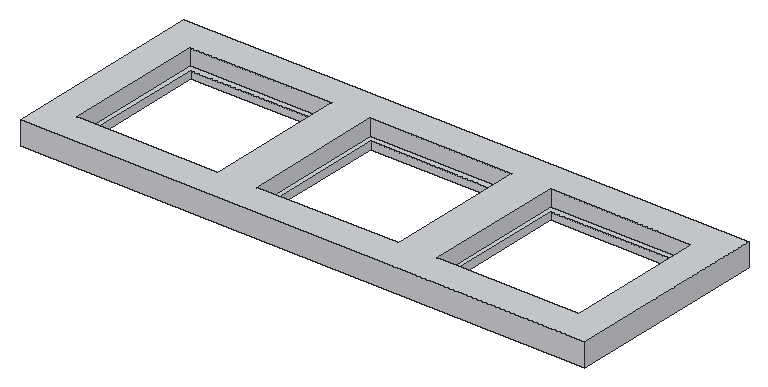
Revit family "Gira_021322", category Electrical Fixtures, host Face, Revit 2017
Family settings
  Host = Face
  Maintain Annotation Orientation = No
  Round Connector Dimension = Use Diameter
  Part Type = Normal
  Cut with Voids When Loaded = No
  Shared = No
  Room Calculation Point = No
Parameters (values of type "Abdeckrahmen 3f Gira E2 Reinweiß m")
  Werkstoffgüte = "Thermoplast"
  Werkstoff = "Kunststoff"
  URL = "http://katalog.gira.de/de_DE/datenblatt.html?artikelnr=021322"
  Transparent = "No"
  Textfeld/Beschriftungsfläche = "No"
  Schutzart (IP) = "IP20"
  Region = "DE"
  Oberfläche = "sonstige"
  Name = "Abdeckrahmen 3f Gira E2 Reinweiß m"
  Montagerichtung = "horizontal und vertikal"
  Mit Montagerahmen = "No"
  Mit Klappdeckel = "No"
  Manufacturer URL = "https://www.gira.de/"
  Keynote = "E2_Rahmen_3fach"
  HeinzeBIM = "https://bimportal.heinze.de/bim/abdeckrahmen-3f-gira-e2-reinweiss-m/e60af39ac596fbcc8434d69faee47e4ee368f3a0"
  Halogenfrei = "Yes"
  HAN = "021322"
  Geeignet für Unterputz-Installation = "Yes"
  Geeignet für Unterflurkanaldose = "No"
  Geeignet für Geräteeinbaukanal = "No"
  Geeignet für Einbauinstallation = "No"
  GTIN = "4010337213222"
  Farbe = "weiß"
  Default Elevation = 1219.2 mm
  Data sheet (1) = "https://katalog.gira.de/de_DE/download.html?artikelnr=021322"
  Category = "Abdeckrahmen"
  Befestigungsart = "Klemmbefestigung"
  Available = "Yes"
  Ausführung der Oberfläche = "matt"
  Anzahl der Einheiten vertikal = "3 "
  Anzahl der Einheiten horizontal = "3 "
  Anzahl der Einheiten = "3 "
Reference planes
  plane 1 "Center (Front/Back)": y = 0
  plane 2: z = 0
  plane 3 "Center (Left/Right)": x = 0
Forms (mm)
  Extrusion 1, solid, detail levels fine
    sketch origin (0, 0, 0) x (1, 0, 0) y (0, 1, 0)
      loop
        line (111.7, 40.4) -> (-111.7, 40.4) -> (-111.7, -40.4) -> (111.7, -40.4) -> (111.7, 40.4)
      loop
        line (43.248, 28.052) -> (43.248, -28.052) -> (99.352, -28.052) -> (99.352, 28.052) -> (43.248, 28.052)
      loop
        line (-28.052, 28.052) -> (-28.052, -28.052) -> (28.052, -28.052) -> (28.052, 28.052) -> (-28.052, 28.052)
      loop
        line (-99.352, 28.052) -> (-99.352, -28.052) -> (-43.248, -28.052) -> (-43.248, 28.052) -> (-99.352, 28.052)
    from 0 to 9.3
  Extrusion 2, solid, detail levels fine
    sketch origin (-71.2, 0, 0) x (1, 0, 0) y (0, 1, 0)
      loop
        line (-28.152, -28.152) -> (28.152, -28.152) -> (28.152, 28.152) -> (-28.152, 28.152) -> (-28.152, -28.152)
      loop
        line (25.9, -25.7) -> (25.9, 25.7) -> (-25.9, 25.7) -> (-25.9, -25.7) -> (25.9, -25.7)
    from 0 to 3
  Extrusion 3, solid, detail levels coarse+medium
    sketch origin (0, 0, 0) x (1, 0, 0) y (0, 1, 0)
      loop
        line (111.7, 40.4) -> (-111.7, 40.4) -> (-111.7, -40.4) -> (111.7, -40.4) -> (111.7, 40.4)
    from 0 to 9.3
  Extrusion 4, solid, detail levels fine
    sketch origin (0.1, -0.047, 0) x (1, 0, 0) y (0, 1, 0)
      loop
        line (-28.152, -28.106) -> (28.152, -28.106) -> (28.152, 28.199) -> (-28.152, 28.199) -> (-28.152, -28.106)
      loop
        line (25.9, -25.653) -> (25.9, 25.747) -> (-25.9, 25.747) -> (-25.9, -25.653) -> (25.9, -25.653)
    from 0 to 3
  Extrusion 5, solid, detail levels fine
    sketch origin (71.2, -0.047, 0) x (1, 0, 0) y (0, 1, 0)
      loop
        line (-27.952, -28.006) -> (28.152, -28.006) -> (28.152, 28.099) -> (-27.952, 28.099) -> (-27.952, -28.006)
      loop
        line (26, -25.653) -> (26, 25.747) -> (-25.9, 25.747) -> (-25.9, -25.653) -> (26, -25.653)
    from 0 to 3
Dimensions and locks
  aligned and locked: plane 2 to host face
  aligned and locked: level to host face
